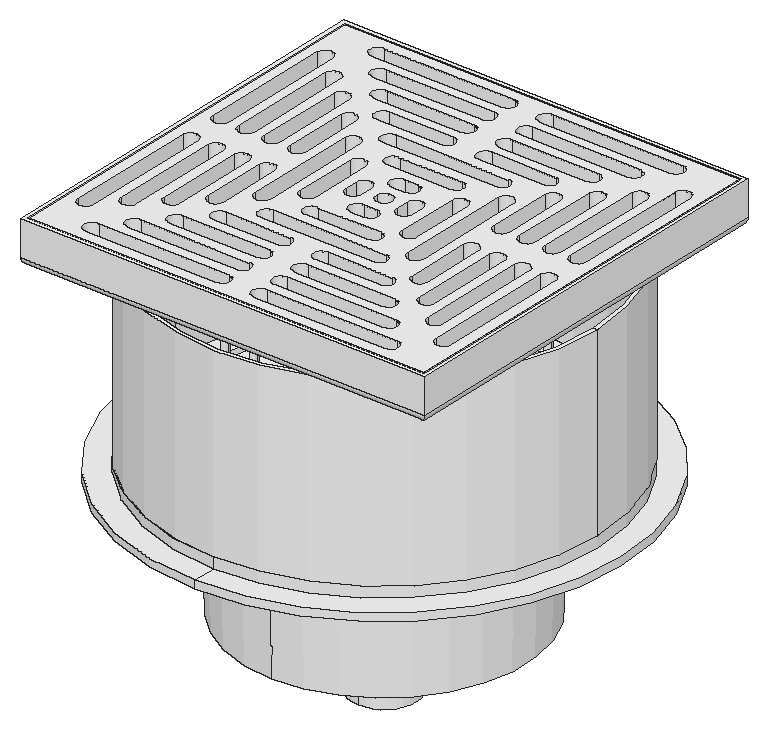
Revit family "R1200-RB", category Plumbing Fixtures, host Face, Revit 2018
Family settings
  Host = Face
  Round Connector Dimension = Use Radius
  Part Type = Normal
  Cut with Voids When Loaded = No
  Shared = No
  Room Calculation Point = No
Parameters (values of type "R1202-RB_Drain Pipe Size 2"")
  WFU = 0
  URL = "WWW.MIFAB.COM"
  Pipe Radius = Pipe Diameter / 2  # 0' - 1"
  Pipe Diameter = 0' - 2"
  Model = "R1202-RB"
  Manufacturer = "MIFAB"
  Floor Drain Material = Paint - Sherwin Williams Paint - #952C2A - Bellwood Red
  Description = "LARGE SUMP PROMENADE DECK DRAIN WITH ADJUSTABLE EXTENSION AND 12 ¾\" x 12 ¾\" SECURED TOP ASSEMBLY"
  Default Elevation = 0' - 0"
  Costom Height = 0' - 7 1/2"
  CWFU = 0
  Assembly Code = ""
Types (7): name | Pipe Radius | Pipe Diameter | Model
  (no name) | 0' - 1" | 0' - 2" | "R1202-RB"
  R1208-RB_Drain Pipe Size 8" | 0' - 4" | 0' - 8" | "R1208-RB"
  R1205-RB_Drain Pipe Size 5" | 0' - 2 1/2" | 0' - 5" | "R1205-RB"
  R1204-RB_Drain Pipe Size 4" | 0' - 2" | 0' - 4" | "R1204-RB"
  R1203-RB_Drain Pipe Size 3" | 0' - 1 1/2" | 0' - 3" | "R1203-RB"
  R1202-RB_Drain Pipe Size 2" | 0' - 1" | 0' - 2" | "R1202-RB"
  R1206-RB_Drain Pipe Size 6" | 0' - 3" | 0' - 6" | "R1206-RB"
Reference planes
  plane 1 "Center (Front/Back)": y = 0
  plane 2: z = 0
  plane 3 "Center (Left/Right)": x = 0
  plane 4: z = -206.359
  plane 5: z = -190.484
  plane 6: y = -25.4
  plane 7: y = 25.4
  plane 8: z = -6.826
  plane 9: z = -4.286
  plane 10: z = -30.399
  plane 11: x = -161.925
  plane 12: x = 161.925
  plane 13: y = 161.925
  plane 14: y = -161.925
  plane 15: z = -190.5
  plane 16: z = -352.086
  plane 17: x = -170.656
  plane 18: x = 170.656
  plane 19: y = 170.656
  plane 20: y = -170.656
  plane 21: y = -112.721
  plane 22: y = -104.779
  plane 23: z = -294.676
  plane 24: z = -288.131
  plane 25: z = -170.619
  plane 26: z = -199.424
Forms (mm)
  Revolve 1, solid, material "Paint - Sherwin Williams Paint - #952C2A - Bellwood Red" <- "Floor Drain Material"
    sketch origin (0, 1.117, -190.484) x (0, 1, 0) y (0, 0, 1)
      loop
        line (-108.089, -0.016) -> (-122.425, -0.016) -> (-122.425, 8.376) -> (-158.561, 8.376) -> (-158.561, 15.156) -> (-147.825, 15.156) -> (-147.825, 19.865) -> (-164.776, 19.865) -> (-164.776, 8.376) -> (-171.773, 8.376) -> (-171.773, -0.016) -> (-190.752, -0.016) -> (-190.752, -6.329) -> (-115.978, -8.94) -> (-113.838, -104.192) -> (-26.517, -104.192) -> (-26.517, -161.602) -> (-20.167, -161.602) -> (-20.167, -97.648) -> (-105.896, -97.648) -> (-108.089, -0.016)
      axis (-1.117, 19.865) -> (-1.117, -161.602)
    angle from 0 to 360
  Sweep 2, solid, material "Paint - Sherwin Williams Paint - #952C2A - Bellwood Red" <- "Floor Drain Material"
    path origin (0, 0, -13.569) x (1, 0, 0) y (0, 1, 0)
      loop
        line (161.925, -161.925) -> (161.925, 161.925) -> (-161.925, 161.925) -> (-161.925, -161.925) -> (161.925, -161.925)
    profile origin (161.925, 0, -13.569) x (-1, 0, 0) y (0, 0, 1)
      loop
        line (3.542, 13.569) -> (0, 13.569) -> (0, -14.313)
        arc (0, -14.313) -> (1.799, -18.656) -> (6.141, -20.454) r 6.141
        line (6.141, -20.454) -> (53.726, -20.454) -> (53.726, -42.6) -> (85.476, -42.6) -> (85.476, -39.028) -> (57.298, -39.028) -> (57.298, -16.883) -> (6.296, -16.883)
        arc (6.296, -16.883) -> (4.349, -16.076) -> (3.542, -14.129) r 2.754
        line (3.542, -14.129) -> (3.542, 13.569)
  Revolve 3, solid, material "Paint - Sherwin Williams Paint - #952C2A - Bellwood Red" <- "Floor Drain Material"
    sketch origin (0, 0, 0) x (1, 0, 0) y (0, 0, 1)
      loop
        line (170.656, -182.108) -> (170.656, -34.023) -> (167.481, -34.023) -> (167.481, -182.108) -> (170.656, -182.108)
      axis (0, -182.108) -> (0, -34.023)
    angle from 0 to 360
Dimensions and locks
  plane 5 to plane 4 = 0' - 0 5/8"
  equal spacing: plane 7, plane 1 "Center (Front/Back)", plane 6
  "Pipe Diameter": plane 7 to plane 6
  "Pipe Radius": plane 1 "Center (Front/Back)" to plane 6
  level to plane 9 to plane 8 = 0' - 0.16875" locked, 0' - 0.1" locked
  equal spacing: plane 11, plane 3 "Center (Left/Right)", plane 12
  locked: plane 11 to plane 12 at 323.85
  equal spacing: plane 14, plane 1 "Center (Front/Back)", plane 13
  locked: plane 14 to plane 13 at 323.85
  "Costom Height": plane 2 to plane 15
  equal spacing: plane 17, plane 3 "Center (Left/Right)", plane 18
  locked: plane 17 to plane 18 at 341.312
  equal spacing: plane 19, plane 1 "Center (Front/Back)", plane 20
  locked: plane 19 to plane 20 at 341.312
  locked: plane 23 to plane 16 at 57.41
  locked: plane 24 to plane 23 at 6.544
  locked: plane 2 to plane 10 at 30.399
  locked: plane 15 to plane 16 at 161.586
  locked: plane 25 to plane 15 at 19.881
  locked: plane 2 to Sweep 2 sketch curve at 56.169
  locked: plane 15 to plane 26 at 8.924
  aligned and locked: plane 2 to host face
  aligned and locked: level to host face
  aligned and locked: Revolve 1 sketch curve to plane 6
  aligned and locked: plane 3 "Center (Left/Right)" to nested 4
  aligned and locked: plane 3 "Center (Left/Right)" to nested 2
  aligned and locked: plane 1 "Center (Front/Back)" to nested 3
  aligned and locked: plane 10 to nested 2
  aligned and locked: plane 10 to nested 4
  aligned and locked: plane 10 to nested 3
  aligned and locked: plane 10 to nested 1
  aligned and locked: plane 2 to Sweep 2 sketch curve
  aligned and locked: plane 21 to Revolve 1 sketch curve
  aligned and locked: plane 22 to Revolve 1 sketch curve
  aligned and locked: plane 1 "Center (Front/Back)" to nested 5
  aligned and locked: plane 3 "Center (Left/Right)" to nested 5
  aligned and locked: plane 2 to nested 5
  aligned and locked: plane 16 to Revolve 1 sketch curve
  aligned and locked: plane 24 to Revolve 1 sketch curve
  aligned and locked: Revolve 1 sketch curve to plane 25
  aligned and locked: plane 26 to Revolve 1 sketch curve
Automatic sketch dimensions
  host sketch curve to host sketch curve = 8' - 0"  (x2)
  Sweep 2 sketch curve to Sweep 2 sketch curve = 1' - 0 3/4"
  Sweep 2 sketch curve to profile plane = 0' - 0"
  Sweep 2 sketch curve to Sweep 2 sketch curve = 0' - 0.13946"
  Sweep 2 sketch curve to Sweep 2 sketch curve = 0' - 0.10231"
  Sweep 2 sketch curve to Sweep 2 sketch curve = 0' - 0.00611"
  Sweep 2 sketch curve to Sweep 2 sketch curve = 0' - 1.87345"
  Sweep 2 sketch curve to Sweep 2 sketch curve = 0' - 0 9/64"  (x3)
  Sweep 2 sketch curve to profile plane = 0' - 0.80529"
  Sweep 2 sketch curve to Sweep 2 sketch curve = 0' - 1 7/64"
  Sweep 2 sketch curve to plane 11 = 0' - 0"
  plane 14 to Sweep 2 sketch curve = 0' - 0"
  Sweep 2 sketch curve to plane 13 = 0' - 0"
  Revolve 3 sketch curve to plane 3 "Center (Left/Right)" = 0' - 0"
  plane 18 to Revolve 3 sketch curve = 0' - 0"
  plane 18 to Revolve 3 sketch curve = 0' - 0 1/8"
  plane 15 to Revolve 3 sketch curve = 0' - 0.3304"
  Revolve 3 sketch curve to plane 8 = 0' - 1.07075"
  Revolve 3 sketch curve to plane 8 = 0' - 0.57075"
  Revolve 3 sketch curve to plane 8 = 0' - 0.07075"
  Revolve 1 sketch curve to plane 15 = 0' - 0"  (x2)
  Revolve 1 sketch curve to plane 20 = 0' - 0"
  Revolve 1 sketch curve to plane 1 "Center (Front/Back)" = 0' - 0"
  Revolve 1 sketch curve to plane 20 = 0' - 0.74722"
  plane 14 to Revolve 1 sketch curve = 0' - 0.06828"
  Revolve 1 sketch curve to plane 14 = 0' - 0.17642"
  Revolve 1 sketch curve to Revolve 1 sketch curve = 0' - 0.42266"
  plane 21 to Revolve 1 sketch curve = 0' - 0.33808"
  plane 21 to Revolve 1 sketch curve = 0' - 0.08425"
  plane 22 to Revolve 1 sketch curve = 0' - 0.08636"
  Revolve 1 sketch curve to plane 6 = 0' - 0 1/4"
  Revolve 1 sketch curve to Revolve 1 sketch curve = 0' - 0.25766"
  Revolve 1 sketch curve to Revolve 1 sketch curve = 0' - 0.24854"
  Revolve 1 sketch curve to Revolve 1 sketch curve = 0' - 0"
  Revolve 1 sketch curve to Revolve 1 sketch curve = 0' - 0.26694"
  Revolve 1 sketch curve to Revolve 1 sketch curve = 0' - 0.18538"
  plane 16 to Revolve 1 sketch curve = 0' - 1.63188"
  Revolve 1 sketch curve to plane 4 = 0' - 0 1/4"
Nested families
  nested 1: "Bolt" at (131.366, 0, -190.5), type "Bolt"
    with Height 0' - 6.30319"
  nested 2: "Bolt" at (0, -130.312, -190.5), type "Bolt"
    with Height 0' - 6.30319"
  nested 3: "Bolt" at (-127, 0, -190.5), type "Bolt"
    with Height 0' - 6.30319"
  nested 4: "Bolt" at (0, 128.779, -190.5), type "Bolt"
    with Height 0' - 6.30319"
  nested 5: "Jali" at (0, 0, -29.583), type "Jali"
Connectors
  piping at (0, 0, -352.086), diameter 50.8, driven by "Pipe Radius", driven by "WFU"
    settings: on Revolve 1, index 2, connector inside diameter 2", connector length 0' - 0", flow factor 0, pipe flow 0 GPM, pressure drop 0.00 psi, fitting loss kfactor 0, connector angle 0.00°, fixture units 0, engagement length 0' - 0", angle of deflection 0.00°, flow configuration 3, flow direction 2, fitting loss method 0, system type 16, joint type 0, gender type 0, connector reference index -1, connector utility 0, adjustable connector no, is connector primary yes, connector description "Sanitary Out"
Definition of nested family "Bolt"
  Parameters (values of type "Bolt")
    Material = none
    Height [instance] = 2' - 9.85827"
    Default Elevation = 4' - 0"
  Reference planes
    plane 1 "Center (Front/Back)": y = 0
    plane 2: z = 0
    plane 3 "Center (Left/Right)": x = 0
    plane 4: z = 860
    plane 5: z = 865.843
    plane 6: z = 861.352
  Forms (mm)
    Extrusion 1, solid
      sketch origin (0, 0, 0) x (1, 0, 0) y (0, 1, 0)
        loop
          line (-1219.2, 1219.2) -> (-1219.2, -1219.2) -> (1219.2, -1219.2) -> (1219.2, 1219.2) -> (-1219.2, 1219.2)
      from 0 to -304.8
    Revolve 2, solid, material <- "Material"
      sketch origin (0, 0, 0) x (1, 0, 0) y (0, 0, 1)
        loop
          line (0, 860) -> (0, -5.048) -> (2.813, -5.048) -> (2.813, -3.181) -> (5.324, -3.181) -> (5.324, -0.638) -> (2.813, -0.638) -> (2.813, 860) -> (0, 860)
        axis (0, -5.048) -> (0, 860)
      angle from 0 to 360
    Extrusion 3, solid, material <- "Material"
      sketch origin (0, 0, 0) x (1, 0, 0) y (0, 1, 0)
        loop
          line (0, 8.074) -> (-6.992, 4.037) -> (-6.992, -4.037) -> (0, -8.074) -> (6.992, -4.037) -> (6.992, 4.037) -> (0, 8.074)
      from 865.843 to 860
    Extrusion 4, solid, material <- "Material"
      sketch origin (0, 0, 0) x (1, 0, 0) y (0, 1, 0)
        loop
          circle (0, 0) r 9.377
      from 861.352 to 860
  Cuts and joins
    joined: Extrusion 3, Extrusion 4
  Dimensions and locks
    "Height": plane 4 to plane 2
    plane 5 to plane 6 to plane 4 = 0' - 0.17679" locked, 0' - 0.05323" locked
    locked: plane 2 to Revolve 2 sketch curve at 0.638
    aligned and locked: plane 2 to Extrusion 1
    aligned and locked: level to Extrusion 1
    aligned and locked: Revolve 2 sketch curve to plane 3 "Center (Left/Right)"
    aligned and locked: plane 4 to Extrusion 3
    aligned and locked: Extrusion 3 to Revolve 2
    aligned and locked: plane 5 to Extrusion 3
    aligned and locked: plane 4 to Extrusion 4
    aligned and locked: plane 6 to cut or joined group of Extrusion 3, Extrusion 4
  Automatic sketch dimensions
    Extrusion 1 sketch curve to Extrusion 1 sketch curve = 8' - 0"  (x2)
    Extrusion 3 sketch curve to plane 3 "Center (Left/Right)" = 0' - 0"  (x2)
    Extrusion 3 sketch curve to plane 3 "Center (Left/Right)" = 0' - 0.27527"
    plane 3 "Center (Left/Right)" to Extrusion 3 sketch curve = 0' - 0.27527"
    plane 1 "Center (Front/Back)" to Extrusion 3 sketch curve = 0' - 0.31786"
    plane 1 "Center (Front/Back)" to Extrusion 3 sketch curve = 0' - 0.15893"  (x2)
    Extrusion 3 sketch curve to plane 1 "Center (Front/Back)" = 0' - 0.15893"  (x2)
    Extrusion 3 sketch curve to plane 1 "Center (Front/Back)" = 0' - 0.31786"
    plane 1 "Center (Front/Back)" to Extrusion 4 sketch curve = 0' - 0"
    Extrusion 4 sketch curve to plane 3 "Center (Left/Right)" = 0' - 0"
    Revolve 2 sketch curve to plane 3 "Center (Left/Right)" = 0' - 0"
    Revolve 2 sketch curve to plane 4 = 0' - 0"
    plane 3 "Center (Left/Right)" to Revolve 2 sketch curve = 0' - 0.11073"
    Revolve 2 sketch curve to Revolve 2 sketch curve = 0' - 0"
    Revolve 2 sketch curve to Revolve 2 sketch curve = 0' - 0.09888"
    Revolve 2 sketch curve to Revolve 2 sketch curve = 0' - 0.10015"
    Revolve 2 sketch curve to Revolve 2 sketch curve = 0' - 0.07347"
    plane 5 to Revolve 2 sketch curve = 0' - 5.15876"
    Revolve 2 sketch curve to Revolve 2 sketch curve = 0' - 5.51181"
    radius of Extrusion 4 sketch curve = 0' - 0.36916"
Definition of nested family "Jali"
  Parameters (values of type "Jali")
    Floor Drain Material = none
  Reference planes
    plane 1 "Center (Front/Back)": y = 0
    plane 2: z = 0
    plane 3 "Center (Left/Right)": x = 0
  Forms (mm)
    Extrusion 1, solid, material <- "Floor Drain Material"
      sketch origin (-360.572, 0, -968.955) x (1, 0, 0) y (0, 1, 0)
        loop
          line (518.955, 158.383) -> (202.189, 158.383) -> (202.189, -158.383) -> (518.955, -158.383) -> (518.955, 158.383)
        loop
          arc (240.962, -136.718) -> (234.612, -143.068) -> (240.962, -149.418) r 6.35
          line (240.962, -149.418) -> (345.305, -149.418)
          arc (345.305, -149.418) -> (351.655, -143.068) -> (345.305, -136.718) r 6.35
          line (345.305, -136.718) -> (240.962, -136.718)
        loop
          arc (258.467, -116.273) -> (252.117, -122.623) -> (258.467, -128.973) r 6.35
          line (258.467, -128.973) -> (345.305, -128.973)
          arc (345.305, -128.973) -> (351.655, -122.623) -> (345.305, -116.273) r 6.35
          line (345.305, -116.273) -> (258.467, -116.273)
        loop
          arc (275.602, -95.828) -> (269.252, -102.178) -> (275.602, -108.528) r 6.35
          line (275.602, -108.528) -> (345.305, -108.528)
          arc (345.305, -108.528) -> (351.655, -102.178) -> (345.305, -95.828) r 6.35
          line (345.305, -95.828) -> (275.602, -95.828)
        loop
          arc (293.978, -75.383) -> (287.628, -81.733) -> (293.978, -88.083) r 6.35
          line (293.978, -88.083) -> (345.305, -88.083)
          arc (345.305, -88.083) -> (351.655, -81.733) -> (345.305, -75.383) r 6.35
          line (345.305, -75.383) -> (293.978, -75.383)
        loop
          arc (315.401, -54.939) -> (309.051, -61.289) -> (315.401, -67.639) r 6.35
          line (315.401, -67.639) -> (405.743, -67.639)
          arc (405.743, -67.639) -> (412.093, -61.289) -> (405.743, -54.939) r 6.35
          line (405.743, -54.939) -> (315.401, -54.939)
        loop
          arc (335.188, -34.494) -> (328.838, -40.844) -> (335.188, -47.194) r 6.35
          line (335.188, -47.194) -> (385.23, -47.194)
          arc (385.23, -47.194) -> (391.58, -40.844) -> (385.23, -34.494) r 6.35
          line (385.23, -34.494) -> (335.188, -34.494)
        loop
          arc (355.332, -14.049) -> (348.982, -20.399) -> (355.332, -26.749) r 6.35
          line (355.332, -26.749) -> (365.813, -26.749)
          arc (365.813, -26.749) -> (372.163, -20.399) -> (365.813, -14.049) r 6.35
          line (365.813, -14.049) -> (355.332, -14.049)
        loop
          line (480.182, -136.718) -> (375.839, -136.718)
          arc (375.839, -136.718) -> (369.489, -143.068) -> (375.839, -149.418) r 6.35
          line (375.839, -149.418) -> (480.182, -149.418)
          arc (480.182, -149.418) -> (486.532, -143.068) -> (480.182, -136.718) r 6.35
        loop
          line (462.677, -116.273) -> (375.839, -116.273)
          arc (375.839, -116.273) -> (369.489, -122.623) -> (375.839, -128.973) r 6.35
          line (375.839, -128.973) -> (462.677, -128.973)
          arc (462.677, -128.973) -> (469.027, -122.623) -> (462.677, -116.273) r 6.35
        loop
          line (445.542, -95.828) -> (375.839, -95.828)
          arc (375.839, -95.828) -> (369.489, -102.178) -> (375.839, -108.528) r 6.35
          line (375.839, -108.528) -> (445.542, -108.528)
          arc (445.542, -108.528) -> (451.892, -102.178) -> (445.542, -95.828) r 6.35
        loop
          line (427.166, -75.383) -> (375.839, -75.383)
          arc (375.839, -75.383) -> (369.489, -81.733) -> (375.839, -88.083) r 6.35
          line (375.839, -88.083) -> (427.166, -88.083)
          arc (427.166, -88.083) -> (433.516, -81.733) -> (427.166, -75.383) r 6.35
        loop
          line (240.962, 136.718) -> (345.305, 136.718)
          arc (345.305, 136.718) -> (351.655, 143.068) -> (345.305, 149.418) r 6.35
          line (345.305, 149.418) -> (240.962, 149.418)
          arc (240.962, 149.418) -> (234.612, 143.068) -> (240.962, 136.718) r 6.35
        loop
          line (258.467, 116.273) -> (345.305, 116.273)
          arc (345.305, 116.273) -> (351.655, 122.623) -> (345.305, 128.973) r 6.35
          line (345.305, 128.973) -> (258.467, 128.973)
          arc (258.467, 128.973) -> (252.117, 122.623) -> (258.467, 116.273) r 6.35
        loop
          line (275.602, 95.828) -> (345.305, 95.828)
          arc (345.305, 95.828) -> (351.655, 102.178) -> (345.305, 108.528) r 6.35
          line (345.305, 108.528) -> (275.602, 108.528)
          arc (275.602, 108.528) -> (269.252, 102.178) -> (275.602, 95.828) r 6.35
        loop
          line (293.978, 75.383) -> (345.305, 75.383)
          arc (345.305, 75.383) -> (351.655, 81.733) -> (345.305, 88.083) r 6.35
          line (345.305, 88.083) -> (293.978, 88.083)
          arc (293.978, 88.083) -> (287.628, 81.733) -> (293.978, 75.383) r 6.35
        loop
          line (315.401, 54.939) -> (405.743, 54.939)
          arc (405.743, 54.939) -> (412.093, 61.289) -> (405.743, 67.639) r 6.35
          line (405.743, 67.639) -> (315.401, 67.639)
          arc (315.401, 67.639) -> (309.051, 61.289) -> (315.401, 54.939) r 6.35
        loop
          line (335.188, 34.494) -> (385.23, 34.494)
          arc (385.23, 34.494) -> (391.58, 40.844) -> (385.23, 47.194) r 6.35
          line (385.23, 47.194) -> (335.188, 47.194)
          arc (335.188, 47.194) -> (328.838, 40.844) -> (335.188, 34.494) r 6.35
        loop
          line (355.332, 14.049) -> (365.813, 14.049)
          arc (365.813, 14.049) -> (372.163, 20.399) -> (365.813, 26.749) r 6.35
          line (365.813, 26.749) -> (355.332, 26.749)
          arc (355.332, 26.749) -> (348.982, 20.399) -> (355.332, 14.049) r 6.35
        loop
          arc (480.182, 136.718) -> (486.532, 143.068) -> (480.182, 149.418) r 6.35
          line (480.182, 149.418) -> (375.839, 149.418)
          arc (375.839, 149.418) -> (369.489, 143.068) -> (375.839, 136.718) r 6.35
          line (375.839, 136.718) -> (480.182, 136.718)
        loop
          arc (462.677, 116.273) -> (469.027, 122.623) -> (462.677, 128.973) r 6.35
          line (462.677, 128.973) -> (375.839, 128.973)
          arc (375.839, 128.973) -> (369.489, 122.623) -> (375.839, 116.273) r 6.35
          line (375.839, 116.273) -> (462.677, 116.273)
        loop
          arc (445.542, 95.828) -> (451.892, 102.178) -> (445.542, 108.528) r 6.35
          line (445.542, 108.528) -> (375.839, 108.528)
          arc (375.839, 108.528) -> (369.489, 102.178) -> (375.839, 95.828) r 6.35
          line (375.839, 95.828) -> (445.542, 95.828)
        loop
          arc (427.166, 75.383) -> (433.516, 81.733) -> (427.166, 88.083) r 6.35
          line (427.166, 88.083) -> (375.839, 88.083)
          arc (375.839, 88.083) -> (369.489, 81.733) -> (375.839, 75.383) r 6.35
          line (375.839, 75.383) -> (427.166, 75.383)
        loop
          arc (497.29, -119.61) -> (503.64, -125.96) -> (509.99, -119.61) r 6.35
          line (509.99, -119.61) -> (509.99, -15.267)
          arc (509.99, -15.267) -> (503.64, -8.917) -> (497.29, -15.267) r 6.35
          line (497.29, -15.267) -> (497.29, -119.61)
        loop
          arc (476.845, -102.105) -> (483.195, -108.455) -> (489.545, -102.105) r 6.35
          line (489.545, -102.105) -> (489.545, -15.267)
          arc (489.545, -15.267) -> (483.195, -8.917) -> (476.845, -15.267) r 6.35
          line (476.845, -15.267) -> (476.845, -102.105)
        loop
          arc (456.4, -84.97) -> (462.75, -91.32) -> (469.1, -84.97) r 6.35
          line (469.1, -84.97) -> (469.1, -15.267)
          arc (469.1, -15.267) -> (462.75, -8.917) -> (456.4, -15.267) r 6.35
          line (456.4, -15.267) -> (456.4, -84.97)
        loop
          arc (435.955, -66.594) -> (442.305, -72.944) -> (448.655, -66.594) r 6.35
          line (448.655, -66.594) -> (448.655, -15.267)
          arc (448.655, -15.267) -> (442.305, -8.917) -> (435.955, -15.267) r 6.35
          line (435.955, -15.267) -> (435.955, -66.594)
        loop
          arc (415.511, -45.171) -> (421.861, -51.521) -> (428.211, -45.171) r 6.35
          line (428.211, -45.171) -> (428.211, 45.171)
          arc (428.211, 45.171) -> (421.861, 51.521) -> (415.511, 45.171) r 6.35
          line (415.511, 45.171) -> (415.511, -45.171)
        loop
          arc (395.066, -25.384) -> (401.416, -31.734) -> (407.766, -25.384) r 6.35
          line (407.766, -25.384) -> (407.766, 24.658)
          arc (407.766, 24.658) -> (401.416, 31.008) -> (395.066, 24.658) r 6.35
          line (395.066, 24.658) -> (395.066, -25.384)
        loop
          arc (374.621, -5.24) -> (380.971, -11.59) -> (387.321, -5.24) r 6.35
          line (387.321, -5.24) -> (387.321, 5.24)
          arc (387.321, 5.24) -> (380.971, 11.59) -> (374.621, 5.24) r 6.35
          line (374.621, 5.24) -> (374.621, -5.24)
        loop
          line (497.29, 119.61) -> (497.29, 15.267)
          arc (497.29, 15.267) -> (503.64, 8.917) -> (509.99, 15.267) r 6.35
          line (509.99, 15.267) -> (509.99, 119.61)
          arc (509.99, 119.61) -> (503.64, 125.96) -> (497.29, 119.61) r 6.35
        loop
          line (476.845, 102.105) -> (476.845, 15.267)
          arc (476.845, 15.267) -> (483.195, 8.917) -> (489.545, 15.267) r 6.35
          line (489.545, 15.267) -> (489.545, 102.105)
          arc (489.545, 102.105) -> (483.195, 108.455) -> (476.845, 102.105) r 6.35
        loop
          line (456.4, 84.97) -> (456.4, 15.267)
          arc (456.4, 15.267) -> (462.75, 8.917) -> (469.1, 15.267) r 6.35
          line (469.1, 15.267) -> (469.1, 84.97)
          arc (469.1, 84.97) -> (462.75, 91.32) -> (456.4, 84.97) r 6.35
        loop
          line (435.955, 66.594) -> (435.955, 15.267)
          arc (435.955, 15.267) -> (442.305, 8.917) -> (448.655, 15.267) r 6.35
          line (448.655, 15.267) -> (448.655, 66.594)
          arc (448.655, 66.594) -> (442.305, 72.944) -> (435.955, 66.594) r 6.35
        loop
          line (223.854, -119.61) -> (223.854, -15.267)
          arc (223.854, -15.267) -> (217.504, -8.917) -> (211.154, -15.267) r 6.35
          line (211.154, -15.267) -> (211.154, -119.61)
          arc (211.154, -119.61) -> (217.504, -125.96) -> (223.854, -119.61) r 6.35
        loop
          line (244.299, -102.105) -> (244.299, -15.267)
          arc (244.299, -15.267) -> (237.949, -8.917) -> (231.599, -15.267) r 6.35
          line (231.599, -15.267) -> (231.599, -102.105)
          arc (231.599, -102.105) -> (237.949, -108.455) -> (244.299, -102.105) r 6.35
        loop
          line (264.744, -84.97) -> (264.744, -15.267)
          arc (264.744, -15.267) -> (258.394, -8.917) -> (252.044, -15.267) r 6.35
          line (252.044, -15.267) -> (252.044, -84.97)
          arc (252.044, -84.97) -> (258.394, -91.32) -> (264.744, -84.97) r 6.35
        loop
          line (285.189, -66.594) -> (285.189, -15.267)
          arc (285.189, -15.267) -> (278.839, -8.917) -> (272.489, -15.267) r 6.35
          line (272.489, -15.267) -> (272.489, -66.594)
          arc (272.489, -66.594) -> (278.839, -72.944) -> (285.189, -66.594) r 6.35
        loop
          line (305.634, -45.171) -> (305.634, 45.171)
          arc (305.634, 45.171) -> (299.284, 51.521) -> (292.934, 45.171) r 6.35
          line (292.934, 45.171) -> (292.934, -45.171)
          arc (292.934, -45.171) -> (299.284, -51.521) -> (305.634, -45.171) r 6.35
        loop
          line (326.078, -25.384) -> (326.078, 24.658)
          arc (326.078, 24.658) -> (319.728, 31.008) -> (313.378, 24.658) r 6.35
          line (313.378, 24.658) -> (313.378, -25.384)
          arc (313.378, -25.384) -> (319.728, -31.734) -> (326.078, -25.384) r 6.35
        loop
          line (346.523, -5.24) -> (346.523, 5.24)
          arc (346.523, 5.24) -> (340.173, 11.59) -> (333.823, 5.24) r 6.35
          line (333.823, 5.24) -> (333.823, -5.24)
          arc (333.823, -5.24) -> (340.173, -11.59) -> (346.523, -5.24) r 6.35
        loop
          arc (223.854, 119.61) -> (217.504, 125.96) -> (211.154, 119.61) r 6.35
          line (211.154, 119.61) -> (211.154, 15.267)
          arc (211.154, 15.267) -> (217.504, 8.917) -> (223.854, 15.267) r 6.35
          line (223.854, 15.267) -> (223.854, 119.61)
        loop
          arc (244.299, 102.105) -> (237.949, 108.455) -> (231.599, 102.105) r 6.35
          line (231.599, 102.105) -> (231.599, 15.267)
          arc (231.599, 15.267) -> (237.949, 8.917) -> (244.299, 15.267) r 6.35
          line (244.299, 15.267) -> (244.299, 102.105)
        loop
          arc (264.744, 84.97) -> (258.394, 91.32) -> (252.044, 84.97) r 6.35
          line (252.044, 84.97) -> (252.044, 15.267)
          arc (252.044, 15.267) -> (258.394, 8.917) -> (264.744, 15.267) r 6.35
          line (264.744, 15.267) -> (264.744, 84.97)
        loop
          arc (285.189, 66.594) -> (278.839, 72.944) -> (272.489, 66.594) r 6.35
          line (272.489, 66.594) -> (272.489, 15.267)
          arc (272.489, 15.267) -> (278.839, 8.917) -> (285.189, 15.267) r 6.35
          line (285.189, 15.267) -> (285.189, 66.594)
        loop
          circle (360.572, 0) r 6.35
      from 979.134 to 998.538
  Dimensions and locks
    aligned and locked: level to plane 2
